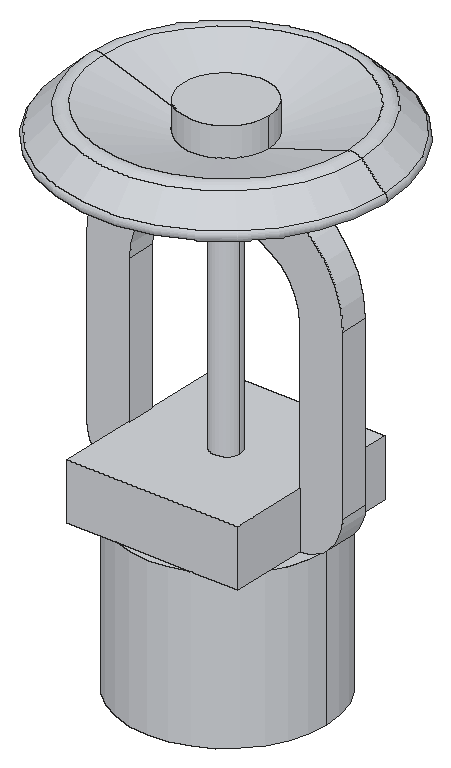
Revit family
Parameters (values of type "RASCO F156 CONVENTIONAL")
  URL = ""
  Temperature Rating = 175 °F
  Response = (empty or 0)
  RASCO SIN # = "RA1325"
  RASCO Part # = "F56C5B"
  Pressure Rating = "175 PSI"
  Pressure Class = (empty or 0)
  Orifice Size = 1/2"
  Orifice = (empty or 0)
  Model = "F156"
  Manufacturer = "RASCO"
  K-Factor = 5.6
  Description = "Bronze Finish"
  Coverage = (empty or 0)
Reference planes (in)
  plane 1 "Center (Front/Back)": y = 0
  plane 2: z = 0
  plane 3 "Center (Left/Right)": x = 0
Nested families (in)
  nested 1: "F56C5B" at (0, 0, 0), type "RASCO F156 CONVENTIONAL"
Connectors (in)
  piping at (0, 0, 0)
    settings: on nested 1, index 1, connector radius 55/128", flow factor 0, pipe flow 0 GPM, pressure drop 0.00 psi, fitting loss kfactor 0, connector angle 0.00°, fixture units 0, flow configuration 0, flow direction 0, fitting loss method 0, system type 7, connector reference index -1, connector utility 0, adjustable connector no, is connector primary yes, fitting loss table "", connector description ""
Definition of nested family "F56C5B"
  Parameters (values of type "RASCO F156 CONVENTIONAL")
    Type Comments = ""
    Temperature Rating = 0 °F
    Response = (empty or 0)
    Pressure Rating = "0"
    Pressure Class = (empty or 0)
    Orifice Size = 0"
    Orifice = (empty or 0)
    Model = ""
    Manufacturer = ""
    K-Factor = 0
    Description = ""
    Coverage = (empty or 0)
    Assembly Code = ""
  Reference planes (in)
    plane 1 "Center (Front/Back)": y = 0
    plane 2: z = 0
    plane 3 "ref.2": z = 0.6875
    plane 4 "ref.3": z = 0.9375
    plane 5: x = -0.38065
    plane 6: x = 0.36935
    plane 7 "ref. side 1": y = 0.06402
    plane 8 "ref. side 2": y = -0.06098
    plane 9 "ref.4": z = 1.875
    plane 10 "ref.5": z = 2.3125
    plane 11 "ref.6": z = 2.4375
  Forms (in)
    Extrusion 1, solid
      sketch origin (0, 0, 0) x (1, 0, 0) y (0, 1, 0)
        loop
          circle (0, 0) r 0.4375
      from 0 to 0.6875
    Extrusion 2, solid
      sketch origin (-0.12185, 0.05177, 0.6875) x (1, 0, 0) y (0, 1, 0)
        loop
          line (-0.2588, 0.356) -> (-0.2588, -0.4565) -> (0.4912, -0.4565) -> (0.4912, 0.356) -> (-0.2588, 0.356)
      from 0 to 0.25
    Extrusion 3, solid
      sketch origin (0, 0, 0) x (1, 0, 0) y (0, 0, 1)
        loop
          line (-0.38065, 0.68754) -> (-0.38065, 1.58397)
          arc (-0.38065, 1.58397) -> (-0.29541, 1.78976) -> (-0.08962, 1.875) r 0.29103
          line (-0.08962, 1.875) -> (0.07524, 1.875)
          arc (0.07524, 1.875) -> (0.28321, 1.78886) -> (0.36935, 1.58089) r 0.29411
          line (0.36935, 1.58089) -> (0.36935, 0.68751)
          arc (0.36935, 0.68751) -> (0.50207, 0.74393) -> (0.55685, 0.87734) r 0.18984
          line (0.55685, 0.87734) -> (0.55685, 1.61676)
          arc (0.55685, 1.61676) -> (0.42629, 1.93194) -> (0.11111, 2.0625) r 0.44574
          line (0.11111, 2.0625) -> (-0.12259, 2.0625)
          arc (-0.12259, 2.0625) -> (-0.43765, 1.932) -> (-0.56815, 1.61694) r 0.44556
          line (-0.56815, 1.61694) -> (-0.56815, 0.87876)
          arc (-0.56815, 0.87876) -> (-0.51345, 0.74486) -> (-0.38065, 0.68754) r 0.19126
      from -0.06402 to 0.06098
    Extrusion 4, solid
      sketch origin (0, 0, 0.9375) x (-1, 0, 0) y (0, -1, 0)
        loop
          circle (0.00574, -0.00152) r 0.0625
      from 0 to 0.9375
    Extrusion 5, solid
      sketch origin (0, 0, 1.875) x (-1, 0, 0) y (0, -1, 0)
        loop
          circle (0.00574, -0.00152) r 0.1875
      from 0 to 0.4375
    Revolve 6, solid
      sketch origin (0, 0, -0.12636) x (1, 0, 0) y (0, 0, 1)
        loop
          line (-0.19416, 2.3128) -> (-0.54432, 2.42657)
          arc (-0.54432, 2.42657) -> (-0.5757, 2.42789) -> (-0.60323, 2.41278) r 0.05842
          line (-0.60323, 2.41278) -> (-0.70574, 2.3125)
          arc (-0.70574, 2.3125) -> (-0.70595, 2.27395) -> (-0.66741, 2.27416) r 0.02711
          line (-0.66741, 2.27416) -> (-0.59141, 2.35016)
          arc (-0.59141, 2.35016) -> (-0.56414, 2.36544) -> (-0.5329, 2.36421) r 0.05758
          line (-0.5329, 2.36421) -> (-0.19416, 2.25415) -> (-0.19416, 2.3128)
        axis (-0.00574, 2.42657) -> (-0.00574, 2.25415)
      angle from 0 to 360
  Cuts and joins
    joined: Extrusion 1, Extrusion 2, Extrusion 4
  Lines and regions (in)
    model lines
      curve 1: line (-0.00574, 0.06402, 1.875) -> (-0.00574, -0.06098, 1.875)
